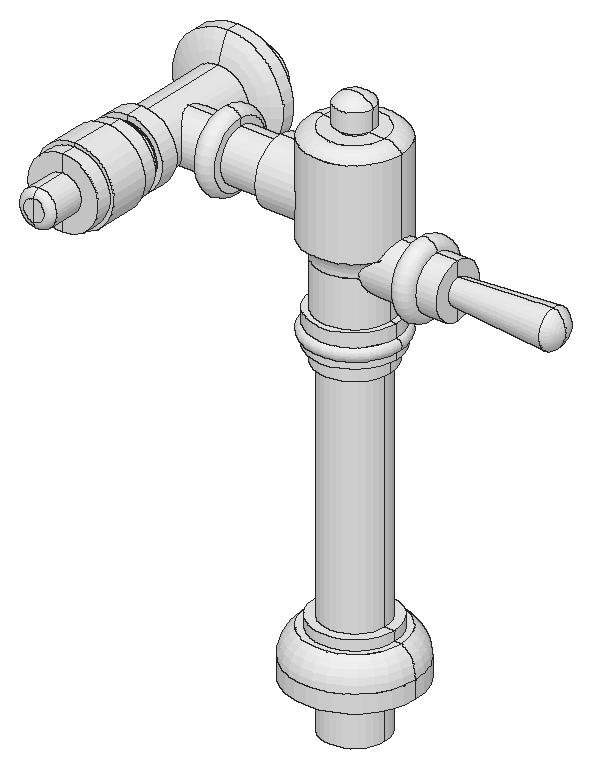
Revit family "717670001_Fluxómetro Sanitario Palanca", category Plumbing Fixtures, Revit 2019
Family settings
  Round Connector Dimension = Use Diameter
  Part Type = Normal
  Work Plane-Based = No
  Always vertical = Yes
  Cut with Voids When Loaded = No
  Shared = No
  Room Calculation Point = No
Parameters
  URL = "https://corona.co/productos/griferias/griferias-institucionales/fluxometro-palanca-sanitario/p/707210001"
  Tubería para instalación diámetro de salida = "Conexión a Racor\r\na 1-1/2 in NPSM"  # constant formula
  Tubería para instalación diámetro de entrada = "1 in NPT"  # constant formula
  Peso neto = "2.305 g - 5,08 lb"  # constant formula
  Peso  Bruto = "2.635 g - 5,80 lb"  # constant formula
  Material = Corona_Cromado
  Manufacturer = "Corona"  # constant formula
  Garantía Acabado = "2 años"  # constant formula
  Fecha de creación = "11/08/2020"  # constant formula
  Description = "• Fluxómetro manual de accionamiento con palanca.\r\n• Consumo: 3,5 Lpf. - 0,92 Gpf.\r\n• Capacidad de descarga de alta eficiencia.\r\n• Compatible con tazas de entrada superior Corona:\r\nErie E.S, Adriática E.S y Báltica E.S"  # constant formula
  Creado por = "IDD"  # constant formula
  Ciclo de vida y desempeño de la descarga = "150.000 ciclos"  # constant formula
  Capacidad de flujo = "3,5 Lpf a 50 psi"  # constant formula
  Años de Garantía Producto = "3 años"  # constant formula
  Ancho = 76 mm
  Alto = 355 mm
Reference planes
  plane 1 "Center (Front/Back)": y = 0
  plane 2: z = 0
  plane 3 "Center (Left/Right)": x = 0
  plane 4: x = 38
  plane 5: x = -38
  plane 6 "Center L/S": x = 19
  plane 7 "Center L/U": x = -19
  plane 8: z = 355
  plane 9 "Center L/X": x = 29
  plane 10 "Center L/Y": x = -29
  plane 11 "Center L/Z": x = -110
Forms (mm)
  Revolve 1, solid, material "Corona_Cromado" <- "Material", detail levels medium+fine
    sketch origin (0, 0, 0) x (1, 0, 0) y (0, 0, 1)
      loop
        line (0, 0) -> (0, 355)
        arc (0, 355) -> (-6.48, 353.545) -> (-11.492, 349.186) r 13.56
        line (-11.492, 349.186) -> (-11.492, 337.561) -> (-9, 337.561) -> (-9, 335.367) -> (-19, 335.367)
        arc (-19, 335.367) -> (-24.797, 334.035) -> (-29, 329.824) r 10.756
        line (-29, 329.824) -> (-29, 274.824)
        arc (-29, 274.824) -> (-24.163, 269.987) -> (-22.392, 263.38) r 13.215
        line (-22.392, 263.38) -> (-22.392, 234.906) -> (-26.101, 234.906) -> (-26.101, 227.017)
        arc (-26.101, 227.017) -> (-29.025, 223.12) -> (-26.101, 219.224) r 4.058
        line (-26.101, 219.224) -> (-26.101, 214.875) -> (-22.392, 214.875) -> (-22.392, 206.083) -> (-19, 206.083) -> (-19, 63.751) -> (-24.982, 63.751) -> (-24.982, 57.794) -> (-29, 57.794)
        arc (-29, 57.794) -> (-35.61, 50.453) -> (-38, 40.868) r 20.417
        line (-38, 40.868) -> (-38, 30) -> (-19, 30) -> (-19, 0) -> (0, 0)
      axis (0, 0) -> (0, 355)
    angle from 0 to 360
  Revolve 2, solid, material "Corona_Cromado" <- "Material", detail levels medium+fine
    sketch origin (0, 0, 0) x (1, 0, 0) y (0, 0, 1)
      loop
        line (-19, 315) -> (-45.925, 315) -> (-45.925, 310.857) -> (-70.925, 310.857) -> (-70.925, 315)
        arc (-70.925, 315) -> (-79.209, 318.796) -> (-83.68, 310.857) r 6.729
        line (-83.68, 310.857) -> (-113.334, 310.857) -> (-113.334, 295) -> (-19, 295) -> (-19, 315)
      axis (-113.334, 295) -> (-19, 295)
    angle from 0 to 360
  Revolve 3, solid, material "Corona_Cromado" <- "Material", detail levels medium+fine
    sketch origin (0, 0, 0) x (1, 0, 0) y (0, 0, 1)
      loop
        line (12.683, 282.916) -> (12.683, 266.366) -> (131.062, 266.366)
        arc (131.062, 266.366) -> (129.117, 273.279) -> (123.852, 278.163) r 13.256
        line (123.852, 278.163) -> (63.998, 273.978) -> (63.998, 282.916) -> (50.848, 282.916)
        arc (50.848, 282.916) -> (44.424, 289.34) -> (38, 282.916) r 6.424
        line (38, 282.916) -> (12.683, 282.916)
      axis (12.683, 266.366) -> (131.062, 266.366)
    angle from 0 to 360
  Revolve 4, solid, material "Corona_Cromado" <- "Material", detail levels medium+fine
    sketch origin (-113.334, -16.958, 291.661) x (0, -1, 0) y (0, 0, 1)
      loop
        line (90.16, 3.969) -> (-85.231, 3.969) -> (-85.231, -14.029) -> (-68.162, -14.029) -> (-68.162, -30.487) -> (-60.478, -30.487)
        arc (-60.478, -30.487) -> (-56.021, -22.667) -> (-53.492, -14.029) r 38.693
        line (-53.492, -14.029) -> (6.508, -14.029) -> (6.508, -17.744) -> (17.565, -17.744) -> (17.565, -14.029) -> (19.927, -14.029) -> (19.927, -15.371) -> (23.63, -15.371) -> (23.63, -17.744) -> (34.097, -17.744) -> (34.097, -19.984) -> (58.455, -19.984) -> (58.455, -17.744) -> (67.697, -17.744) -> (67.697, -7.229) -> (86.396, -7.229)
        arc (86.396, -7.229) -> (89.101, -5.571) -> (90.16, -2.581) r 4.752
        line (90.16, -2.581) -> (90.16, 3.969)
      axis (90.16, 3.969) -> (-85.231, 3.969)
    angle from 0 to 360
  Revolve 5, solid, not visible
    sketch origin (1.19, 0, 0) x (1, 0, 0) y (0, 1, 0)
      loop
        line (-110, -47.527) -> (-110, 127.864) -> (-127.998, 127.864) -> (-127.998, 110.794) -> (-144.456, 110.794) -> (-144.456, 103.11)
        arc (-144.456, 103.11) -> (-136.637, 98.654) -> (-127.998, 96.124) r 38.693
        line (-127.998, 96.124) -> (-127.998, 36.124) -> (-131.713, 36.124) -> (-131.713, 25.067) -> (-127.998, 25.067) -> (-127.998, 22.705) -> (-129.34, 22.705) -> (-129.34, 19.003) -> (-131.713, 19.003) -> (-131.713, 8.536) -> (-133.954, 8.536) -> (-133.954, -15.822) -> (-131.713, -15.822) -> (-131.713, -25.064) -> (-121.198, -25.064) -> (-121.198, -43.764)
        arc (-121.198, -43.764) -> (-119.54, -46.468) -> (-116.55, -47.527) r 4.752
        line (-116.55, -47.527) -> (-110, -47.527)
      axis (-110, -47.527) -> (-110, 127.864)
    angle from 0 to 360
  Extrusion 6, solid, material "Corona_Cromado" <- "Material", detail levels coarse
    sketch origin (0, 0, 0) x (1, 0, 0) y (0, 0, 1)
      loop
        line (-147.791, 0) -> (131.355, 0) -> (131.355, 355) -> (-147.791, 355) -> (-147.791, 0)
    from -68.274 to 107.895
Cuts and joins
  joined: Revolve 1, Revolve 2, Revolve 4
Dimensions and locks
  "Ancho": plane 5 to plane 4
  plane 7 "Center L/U" to plane 6 "Center L/S" = 38 mm
  "Alto": plane 8 to level
  plane 9 "Center L/X" to plane 10 "Center L/Y" = 58 mm
  plane 3 "Center (Left/Right)" to plane 11 "Center L/Z" = 110 mm
  aligned and locked: level to plane 2
Automatic sketch dimensions
  plane 5 to Revolve 1 sketch curve = 0 mm
  Revolve 1 sketch curve to plane 10 "Center L/Y" = 0 mm  (x2)
  plane 7 "Center L/U" to Revolve 1 sketch curve = 0 mm  (x3)
  Revolve 1 sketch curve to level = 0 mm
  Revolve 1 sketch curve to plane 3 "Center (Left/Right)" = 0 mm  (x2)
  Revolve 1 sketch curve to plane 8 = 0 mm
  Revolve 1 sketch curve to plane 5 = 2.392 mm
  plane 10 "Center L/Y" to Revolve 1 sketch curve = 2.899 mm  (x2)
  plane 10 "Center L/Y" to Revolve 1 sketch curve = 4.018 mm
  plane 10 "Center L/Y" to Revolve 1 sketch curve = 4.033 mm
  plane 7 "Center L/U" to Revolve 1 sketch curve = 3.392 mm  (x2)
  plane 7 "Center L/U" to Revolve 1 sketch curve = 0.583 mm
  Revolve 1 sketch curve to plane 7 "Center L/U" = 1.417 mm
  Revolve 1 sketch curve to plane 7 "Center L/U" = 7.508 mm
  Revolve 1 sketch curve to Revolve 1 sketch curve = 2.492 mm
  Revolve 1 sketch curve to plane 3 "Center (Left/Right)" = 0.359 mm
  level to Revolve 1 sketch curve = 30 mm
  Revolve 1 sketch curve to Revolve 1 sketch curve = 10.868 mm
  Revolve 1 sketch curve to Revolve 1 sketch curve = 5.957 mm
  Revolve 1 sketch curve to Revolve 1 sketch curve = 142.332 mm
  Revolve 1 sketch curve to Revolve 1 sketch curve = 8.792 mm
  Revolve 1 sketch curve to Revolve 1 sketch curve = 4.349 mm
  Revolve 1 sketch curve to Revolve 1 sketch curve = 3.897 mm
  Revolve 1 sketch curve to Revolve 1 sketch curve = 7.889 mm
  Revolve 1 sketch curve to Revolve 1 sketch curve = 28.474 mm
  Revolve 1 sketch curve to plane 8 = 30.373 mm
  Revolve 1 sketch curve to Revolve 1 sketch curve = 5.198 mm
  Revolve 1 sketch curve to Revolve 1 sketch curve = 2.193 mm
  Revolve 1 sketch curve to Revolve 1 sketch curve = 3.884 mm
  Revolve 1 sketch curve to level = 5 mm
  plane 8 to Revolve 1 sketch curve = 5 mm
  plane 4 to Revolve 3 sketch curve = 0 mm
  Revolve 3 sketch curve to plane 6 "Center L/S" = 6.317 mm
  Revolve 3 sketch curve to Revolve 3 sketch curve = 6.424 mm
  Revolve 3 sketch curve to Revolve 3 sketch curve = 13.15 mm
  Revolve 3 sketch curve to Revolve 3 sketch curve = 53.808 mm
  Revolve 3 sketch curve to Revolve 3 sketch curve = 6.046 mm
  Revolve 3 sketch curve to Revolve 3 sketch curve = 13.256 mm
  Revolve 3 sketch curve to plane 8 = 88.634 mm
  Revolve 3 sketch curve to Revolve 3 sketch curve = 7.612 mm
  Revolve 3 sketch curve to Revolve 3 sketch curve = 8.938 mm
  Revolve 3 sketch curve to Revolve 3 sketch curve = 0 mm  (x2)
  Revolve 3 sketch curve to Revolve 3 sketch curve = 3.161 mm
  Revolve 5 sketch curve to Revolve 5 sketch curve = 6.481 mm
  Revolve 5 sketch curve to Revolve 5 sketch curve = 0 mm  (x3)
  Revolve 5 sketch curve to Revolve 5 sketch curve = 1.342 mm
  Revolve 5 sketch curve to Revolve 5 sketch curve = 2.373 mm
  Revolve 5 sketch curve to Revolve 5 sketch curve = 3.715 mm
  Revolve 5 sketch curve to Revolve 5 sketch curve = 10.516 mm
  Revolve 5 sketch curve to Revolve 5 sketch curve = 2.24 mm  (x2)
  Revolve 5 sketch curve to Revolve 5 sketch curve = 16.458 mm
  Revolve 5 sketch curve to Revolve 5 sketch curve = 3.764 mm
  Revolve 5 sketch curve to Revolve 5 sketch curve = 18.7 mm
  Revolve 5 sketch curve to Revolve 5 sketch curve = 9.242 mm
  Revolve 5 sketch curve to Revolve 5 sketch curve = 10.467 mm
  Revolve 5 sketch curve to Revolve 5 sketch curve = 3.703 mm
  Revolve 5 sketch curve to Revolve 5 sketch curve = 2.362 mm
  Revolve 5 sketch curve to Revolve 5 sketch curve = 11.057 mm
  Revolve 5 sketch curve to Revolve 5 sketch curve = 60 mm
  Revolve 5 sketch curve to Revolve 5 sketch curve = 6.986 mm
  Revolve 5 sketch curve to Revolve 5 sketch curve = 14.67 mm
  Revolve 5 sketch curve to Revolve 5 sketch curve = 6.407 mm
  Revolve 5 sketch curve to Revolve 5 sketch curve = 1.325 mm
  Revolve 5 sketch curve to Revolve 5 sketch curve = 3.284 mm
  Revolve 5 sketch curve to Revolve 5 sketch curve = 4.648 mm
  Revolve 5 sketch curve to Revolve 5 sketch curve = 6.55 mm
  Revolve 5 sketch curve to Revolve 5 sketch curve = 24.358 mm
  Revolve 4 sketch curve to Revolve 2 = 74.681 mm
  Revolve 4 sketch curve to Revolve 4 sketch curve = 6.407 mm
  Revolve 4 sketch curve to Revolve 4 sketch curve = 17.07 mm
  Revolve 4 sketch curve to Revolve 4 sketch curve = 7.684 mm
  Revolve 4 sketch curve to Revolve 4 sketch curve = 14.67 mm
  Revolve 2 to Revolve 4 sketch curve = 23.466 mm
  Revolve 4 sketch curve to Revolve 4 sketch curve = 11.057 mm
  Revolve 4 sketch curve to Revolve 4 sketch curve = 2.362 mm
  Revolve 4 sketch curve to Revolve 4 sketch curve = 3.703 mm
  Revolve 4 sketch curve to Revolve 4 sketch curve = 10.467 mm
  Revolve 4 sketch curve to Revolve 4 sketch curve = 24.358 mm
  Revolve 4 sketch curve to Revolve 4 sketch curve = 9.242 mm
  Revolve 4 sketch curve to Revolve 4 sketch curve = 17.712 mm
  Revolve 4 sketch curve to Revolve 4 sketch curve = 0.988 mm
  Revolve 4 sketch curve to Revolve 4 sketch curve = 4.752 mm
  Revolve 4 sketch curve to Revolve 4 sketch curve = 10.503 mm
  Revolve 4 sketch curve to Revolve 4 sketch curve = 2.24 mm  (x3)
  Revolve 4 sketch curve to Revolve 4 sketch curve = 2.373 mm
  Revolve 4 sketch curve to Revolve 4 sketch curve = 1.342 mm
  Revolve 4 sketch curve to Revolve 4 sketch curve = 16.458 mm
  Revolve 4 sketch curve to Revolve 4 sketch curve = 3.715 mm
  Revolve 4 sketch curve to Revolve 4 sketch curve = 10.516 mm
  Revolve 4 sketch curve to Revolve 4 sketch curve = 6.55 mm
  Revolve 4 sketch curve to Revolve 4 sketch curve = 3.284 mm
  Revolve 4 sketch curve to Revolve 4 sketch curve = 1.325 mm
  Revolve 4 sketch curve to Revolve 4 sketch curve = 0 mm
  plane 7 "Center L/U" to Revolve 2 sketch curve = 0 mm  (x2)
  plane 5 to Revolve 2 sketch curve = 7.925 mm
  Revolve 2 sketch curve to Revolve 2 sketch curve = 25 mm
  Revolve 2 sketch curve to Revolve 2 sketch curve = 6.205 mm
  Revolve 2 sketch curve to Revolve 2 sketch curve = 6.55 mm
  Revolve 2 sketch curve to plane 11 "Center L/Z" = 3.334 mm
  Revolve 2 sketch curve to plane 8 = 60 mm
  Revolve 2 sketch curve to Revolve 2 sketch curve = 15.857 mm
  Revolve 2 sketch curve to Revolve 2 sketch curve = 0 mm  (x3)
  Revolve 2 sketch curve to Revolve 2 sketch curve = 1.54 mm
  Revolve 2 sketch curve to Revolve 2 sketch curve = 4.143 mm
  Extrusion 6 sketch curve to plane 8 = 0 mm
  Extrusion 6 sketch curve to level = 0 mm
  Extrusion 6 sketch curve to plane 11 "Center L/Z" = 37.791 mm
  Extrusion 6 sketch curve to plane 4 = 93.355 mm
